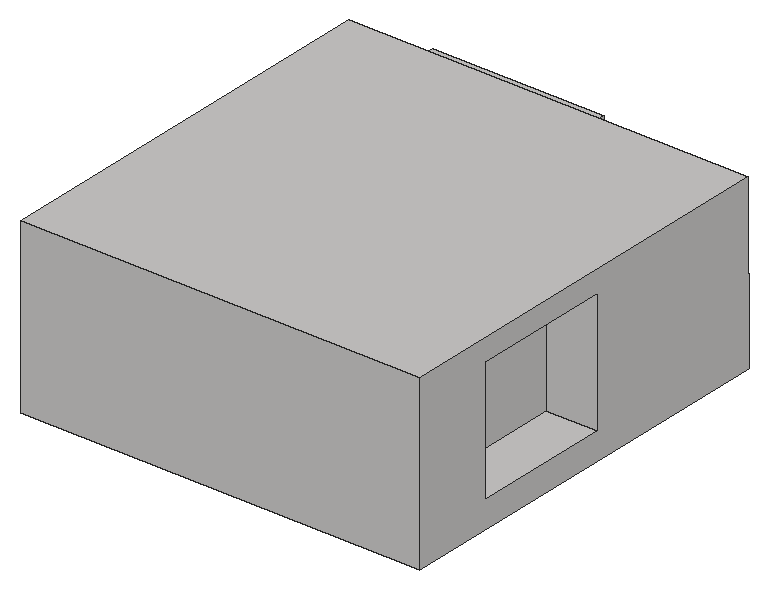
Revit family
Parameters
  Width = 4' - 0 1/8"
  Voltage = 208 V
  Unit Weight = "220.0 lbs"
  UltraLoc Liner = Choose Liner Option = 3  # no
  URL = "http://www.titus-hvac.com/"
  UL = "181"
  Supply Air Flow [instance] = 0 CFM
  SteriLoc Liner = Choose Liner Option = 2  # no
  Primary Air Pressure Drop [instance] = 0.00 in-wg
  Primary Air Flow [instance] = 0 CFM
  Plenum Air Pressure Drop [instance] = 0.00 in-wg
  Plenum Air Flow [instance] = 0 CFM
  Outlet Width = 1' - 4 1/2"
  Outlet Vertical Offset = 0' - 1 1/8"
  Outlet Horizontal Offset = 0' - 1 3/8"
  Outlet Height = 1' - 2 1/2"
  Number of Poles = 2
  Nominal Width = Width + 0' 6 1/4"  # 4' - 6 3/8"
  Nominal Length = Length + 0' 3 3/8"  # 4' - 2 1/4"
  Nominal Inlet Size = 1' - 0"
  Nominal Height = 1' - 8 1/8"
  NFPA = "90A"
  Motor Full Load Amps = 4.3 A
  Model = "DTQS"
  Min. Air Flow = 0 CFM
  Max. Air Flow = 0 CFM
  Material = Galvanized Steel
  Manufacturer = "Titus"
  Length = 3' - 10 7/8"
  Juction Box Offset = 0' - 4 7/8"
  Inlet Diameter = Nominal Inlet Size - 0' 0 1/8"  # 0' - 11 7/8"
  Induced offset = 0' - 1 1/4"
  Induced Air Inlet Offset = 0' - 4 1/2"
  Induced Air Inlet Width = 1' - 9"
  Induced Air Inlet Height = 1' - 5 1/2"
  Induced Air Filter = no
  Heating Total Capacity [instance] = 0 Btu/h
  Half Outlet Connection Width = Outlet Width / 2  # 0' - 8 1/4"
  Half Outlet Connection Height = Outlet Height / 2  # 0' - 7 1/4"
  Half Height Start = -(Nominal Height / 2)  # -0' - 10 1/16"
  Half Height End = Nominal Height / 2  # 0' - 10 1/16"
  HP-Motor = "1/3"
  Frequency = 60 Hz
  Filter Size = "27\"x20\""
  Fiber Free Liner = Choose Liner Option = 1  # no
  Fan Disconnect Switch = no
  Duct Radius = Nominal Inlet Size / 2  # 0' - 6"
  Description = "Series Fan Powered Terminal Unit, Direct Digital Control, Pressure Independent"
  Connection Void Radius = Connection Radius - 0' 0 1/4"  # 0' - 5 11/16"
  Connection Radius = Inlet Diameter / 2  # 0' - 5 15/16"
  Choose Liner Option = 0
  CADworks URL = "www.CADworks.net"
  Assembly Code = "D3040100"
  Apparent Power = Voltage * Motor Full Load Amps  # 894.4 VA
  Air Inlet Offset = 0' - 8"
  1/2" Fiberglass Liner = Choose Liner Option = 0  # yes
Reference planes (in)
  plane 1 "Center (Front/Back)": y = 0
  plane 2: z = 0
  plane 3 "Center (Left/Right)": x = 3
  plane 4: x = -20.4375
  plane 5: x = 26.4375
  plane 6: x = -15.5625
  plane 7: x = -23.8125
  plane 8 "Center (Elevation)": z = 0
  plane 9: y = -24.0625
  plane 10: y = 24.0625
  plane 11: y = 16.0625
  plane 12: y = -19.5625
  plane 13: x = 20.4375
  plane 14: y = 30.3125
  plane 15: z = 10.0625
  plane 16: z = -10.0625
Forms (in)
  Extrusion 1, solid, material "Galvanized Steel" <- "Material"
    sketch origin (0, 0, 52) x (1, 0, 0) y (0, 1, 0)
      loop
        line (-20.4375, 24.0625) -> (-20.4375, -24.0625) -> (26.4375, -24.0625) -> (26.4375, 24.0625) -> (-20.4375, 24.0625)
    from -62.0625 <- "Half Height Start" to -41.9375 <- "Half Height End"
  Extrusion 2, solid, material "Galvanized Steel" <- "Material"
    sketch origin (3.0625, 0, -6) x (1, 0, 0) y (0, 1, 0)
      loop
        line (-18.625, 24.0625) -> (1.375, 24.0625) -> (1.375, 30.3125) -> (-18.625, 30.3125) -> (-18.625, 24.0625)
    from 0 to 12
  Extrusion 3, void
    sketch origin (26.4375, 24.0625, 53.125) x (0, 1, 0) y (0, 0, -1)
      loop
        line (-22.125, 45.5625) -> (-22.125, 60.0625) -> (-38.625, 60.0625) -> (-38.625, 45.5625) -> (-22.125, 45.5625)
    from 0 to 6
  Extrusion 4, solid, material "Galvanized Steel" <- "Material"
    sketch origin (-24.875, 0.5625, 0) x (0, 0, -1) y (0, 1, 0)
      loop
        circle (0, 15.5) r 5.9375
    from 1.0625 to 4.4375
  Extrusion 5, void
    sketch origin (-24.875, 0, 0) x (0, 1, 0) y (0, 0, 1)
      loop
        circle (16.0625, 0) r 5.6875
    from 1.0625 to 9.3125
  Extrusion 6, void
    sketch origin (-20.4375, -24.0625, 52) x (0, -1, 0) y (0, 0, -1)
      loop
        line (-25.5, 43.3125) -> (-4.5, 43.3125) -> (-4.5, 60.8125) -> (-25.5, 60.8125) -> (-25.5, 43.3125)
    from 0 to 4.875
Cuts and joins
  Extrusion 3, Extrusion 5, Extrusion 6 cuts Extrusion 1
  Extrusion 5 cuts Extrusion 4
Dimensions and locks (in)
  "Length": plane 5 to plane 4
  equal spacing: plane 5, plane 3 "Center (Left/Right)", plane 4
  locked: Extrusion 2 to plane 6 at 0
  locked: Extrusion 2 to Extrusion 2 at 20
  "Juction Box Offset": plane 6 to plane 4
  "Outlet Height": Extrusion 3 sketch curve to Extrusion 3 sketch curve
  "Outlet Width": Extrusion 3 sketch curve to Extrusion 3 sketch curve
  locked: plane 4 to plane 7 at 3.375
  "Width": plane 9 to plane 10
  equal spacing: plane 9, plane 1 "Center (Front/Back)", plane 10
  locked: Extrusion 4 sketch curve to level at 0
  locked: Extrusion 4 sketch curve to plane 11 at 0
  locked: Extrusion 5 sketch curve to level at 0
  locked: Extrusion 5 sketch curve to plane 11 at 0
  locked: Extrusion 2 to Extrusion 2 at 6.25
  "Air Inlet Offset": plane 10 to plane 11
  locked: Extrusion 2 to plane 10 at 0
  locked: cut or joined group of Extrusion 4, Extrusion 5 to plane 7 at 0
  locked: cut or joined group of Extrusion 4, Extrusion 5 to cut or joined group of Extrusion 4, Extrusion 5 at 3.375
  "Induced Air Inlet Offset": plane 9 to plane 12
  "Induced Air Inlet Width": Extrusion 6 sketch curve to Extrusion 6 sketch curve
  "Induced Air Inlet Height": Extrusion 6 sketch curve to Extrusion 6 sketch curve
  "Induced Air Inlet Offset": Extrusion 6 sketch curve to plane 9
  locked: plane 9 to Extrusion 3 sketch curve at 9.5
  cut or joined group of Extrusion 1, Extrusion 3, Extrusion 5, Extrusion 6 to Extrusion 3 sketch curve = 0' - 3 1/8"
  locked: Extrusion 2 to Extrusion 2 at 12
  equal spacing: Extrusion 2, level, Extrusion 2
  locked: cut or joined group of Extrusion 1, Extrusion 3, Extrusion 5, Extrusion 6 to cut or joined group of Extrusion 1, Extrusion 3, Extrusion 5, Extrusion 6 at 20.125
  equal spacing: cut or joined group of Extrusion 1, Extrusion 3, Extrusion 5, Extrusion 6, level, cut or joined group of Extrusion 1, Extrusion 3, Extrusion 5, Extrusion 6
  "Induced offset": Extrusion 6 sketch curve to cut or joined group of Extrusion 1, Extrusion 3, Extrusion 5, Extrusion 6
  "Connection Radius": radius of Extrusion 4 sketch curve
  "Connection Void Radius": radius of Extrusion 5 sketch curve
  aligned and locked: plane 6 to Extrusion 6
  aligned and locked: Extrusion 3 to plane 13
  aligned and locked: plane 5 to cut or joined group of Extrusion 1, Extrusion 3, Extrusion 5, Extrusion 6
  aligned and locked: cut or joined group of Extrusion 1, Extrusion 3, Extrusion 5, Extrusion 6 to plane 4
  aligned and locked: cut or joined group of Extrusion 1, Extrusion 3, Extrusion 5, Extrusion 6 to plane 10
  aligned and locked: plane 9 to cut or joined group of Extrusion 1, Extrusion 3, Extrusion 5, Extrusion 6
  aligned and locked: Extrusion 1 to Extrusion 6
  aligned and locked: Extrusion 5 to plane 7
  aligned and locked: plane 6 to Extrusion 5
Automatic sketch dimensions
  Extrusion 1 sketch curve to plane 4 = 0' - 0"
  plane 5 to Extrusion 1 sketch curve = 0' - 0"
  Extrusion 1 sketch curve to plane 9 = 0' - 0"
  Extrusion 1 sketch curve to plane 10 = 0' - 0"
  Extrusion 2 sketch curve to plane 6 = 0' - 0"
  Extrusion 2 sketch curve to plane 10 = 0' - 0"
  plane 3 "Center (Left/Right)" to Extrusion 2 sketch curve = 0' - 1 7/16"
  Extrusion 2 sketch curve to plane 10 = 0' - 6 1/4"
Connectors (in)
  electrical at (-5.5625, 30.3125, 0), driven by "Apparent Power", driven by "Voltage", driven by "Number of Poles"
    settings: on Extrusion 2, index 8
  hvac at (-23.8125, 16.0625, 0), driven by "Primary Air Flow", driven by "Duct Radius", driven by "Primary Air Pressure Drop"
    settings: on cut or joined group of Extrusion 4, Extrusion 5, index 9
  hvac at (-20.4375, -9.0625, -0.0625), driven by "Induced Air Inlet Height", driven by "Induced Air Inlet Width", driven by "Plenum Air Pressure Drop", driven by "Plenum Air Flow"
    settings: on cut or joined group of Extrusion 1, Extrusion 3, Extrusion 5, Extrusion 6, index 12
  hvac at (26.4375, -6.3125, 0.3125), driven by "Supply Air Flow", driven by "Outlet Width", driven by "Outlet Height"
    settings: on cut or joined group of Extrusion 1, Extrusion 3, Extrusion 5, Extrusion 6, index 13
